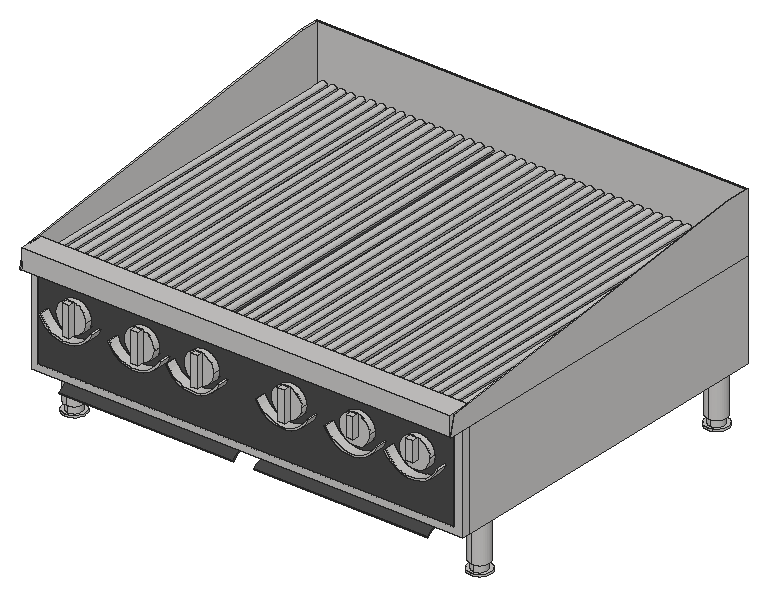
Revit family "QF_Vollrath_936CG", category Specialty Equipment, Revit 2016
Family settings
  Part Type = Normal
  Round Connector Dimension = Use Diameter
  OmniClass Number = 23.40.40.14.17.21
  OmniClass Title = Grills
  Work Plane-Based = No
  Always vertical = Yes
  Cut with Voids When Loaded = No
  Shared = No
  Room Calculation Point = No
Parameters (values of type "936CG")
  Width = 36.00"
  Weight in Pounds = 350
  Watermarked By = "http://revitwatermark.com"
  URL Cutsheet = ""
  URL = ""
  Status [instance] = ""
  Specification by User [instance] = ""
  Specification by Manufacturer [instance] = ""
  Serial Number [instance] = ""
  Seismic Rating [instance] = ""
  Revision Code [instance] = ""
  NAFEM Spec ID Number [instance] = ""
  Model = "936CG"
  Mechanical Remarks [instance] = ""
  Mechanical Connection Type [instance] = ""
  Masterspec [instance] = ""
  Manufacturer = "Vollrath"
  Length = 31.00"
  Item Number [instance] = "-"
  Installed By [instance] = ""
  Height AFF [instance] = 36.00"
  Gas Size = 3/4"
  Gas RI Height [instance] = 0.00"
  Gas Input = 120000.0 Btu/h
  Gas Connection Height [instance] = Height AFF + 5.375"  # 41.375"
  Furnished By [instance] = ""
  Foodservice Equipment Identifier [instance] = yes
  Description = "Heavy Duty Charbroiler"
  CSI MasterFormat = "11 44 00"
  Assembly Code = "E1090320"
Reference planes (in)
  plane 1: z = 0
  plane 2 "BOTTOM": z = 36
  plane 3 "LEFT CLEARANCE": x = -30.72076
  plane 4 "RIGHT CLEARANCE": x = 17.27924
  plane 5 "BACK CLEARANCE": y = 6
  plane 6 "FRONT": y = -31
  plane 7 "Top of Legs": z = 40
  plane 8 "LEFT": x = -24.72076
  plane 9 "RIGHT": x = 11.27924
  plane 10 "BACK": y = 0
  plane 11: z = 39.75
  plane 12: z = 39.5
  plane 13: x = -22.40972
  plane 14: x = -18.72076
  plane 15: x = -15.03179
  plane 16: z = 41.5
  plane 17: x = -12.72076
  plane 18: y = -0.125
  plane 19: x = -24.59576
  plane 20: z = 48.06
  plane 21: x = -6.72076
  plane 22 "TOP": z = 53.06
  plane 23: y = -53.12109
  plane 24: z = 48.26063
  plane 25: y = 1.375
Forms (in)
  Extrusion 1, solid, material "QF_Finishes_Stainless Steel"
    sketch origin (0, 0, 36) x (0, 1, 0) y (-1, 0, 0)
      loop
        circle (-2, 23.59576) r 0.9375
    from 0 to 0.125
  Extrusion 2, solid, material "QF_Finishes_Stainless Steel"
    sketch origin (0, 0, 36) x (0, 1, 0) y (-1, 0, 0)
      loop
        circle (-2, 23.59576) r 0.625
    from 0.125 to 0.75
  Extrusion 3, solid, material "QF_Finishes_Stainless Steel"
    sketch origin (0, 0, 36) x (0, 1, 0) y (-1, 0, 0)
      loop
        circle (-2, 23.59576) r 0.8125
    from 0.75 to 4
  Extrusion 4, solid, material "QF_Finishes_Stainless Steel"
    sketch origin (33.375, 0, 36) x (0, 1, 0) y (-1, 0, 0)
      loop
        circle (-2, 23.09576) r 0.9375
    from 0 to 0.125
  Extrusion 5, solid, material "QF_Finishes_Stainless Steel"
    sketch origin (33.375, 0, 36) x (0, 1, 0) y (-1, 0, 0)
      loop
        circle (-2, 23.09576) r 0.625
    from 0.125 to 0.75
  Extrusion 6, solid, material "QF_Finishes_Stainless Steel"
    sketch origin (33.375, 0, 36) x (0, 1, 0) y (-1, 0, 0)
      loop
        circle (-2, 23.09576) r 0.8125
    from 0.75 to 4
  Extrusion 7, solid, material "QF_Finishes_Stainless Steel"
    sketch origin (33.375, -25.75, 36) x (0, 1, 0) y (-1, 0, 0)
      loop
        circle (-1, 23.09576) r 0.9375
    from 0 to 0.125
  Extrusion 8, solid, material "QF_Finishes_Stainless Steel"
    sketch origin (33.375, -25.75, 36) x (0, 1, 0) y (-1, 0, 0)
      loop
        circle (-1, 23.09576) r 0.625
    from 0.125 to 0.75
  Extrusion 9, solid, material "QF_Finishes_Stainless Steel"
    sketch origin (33.375, -25.75, 36) x (0, 1, 0) y (-1, 0, 0)
      loop
        circle (-1, 23.09576) r 0.8125
    from 0.75 to 4
  Extrusion 10, solid, material "QF_Finishes_Stainless Steel"
    sketch origin (0, -25.75, 36) x (0, 1, 0) y (-1, 0, 0)
      loop
        circle (-1, 23.59576) r 0.9375
    from 0 to 0.125
  Extrusion 11, solid, material "QF_Finishes_Stainless Steel"
    sketch origin (0, -25.75, 36) x (0, 1, 0) y (-1, 0, 0)
      loop
        circle (-1, 23.59576) r 0.625
    from 0.125 to 0.75
  Extrusion 12, solid, material "QF_Finishes_Stainless Steel"
    sketch origin (0, -25.75, 36) x (0, 1, 0) y (-1, 0, 0)
      loop
        circle (-1, 23.59576) r 0.8125
    from 0.75 to 4
  Extrusion 13, solid, material "QF_Finishes_Stainless Steel"
    sketch origin (0, 0, 36) x (0, 1, 0) y (-1, 0, 0)
      loop
        line (0, 24.72076) -> (-29.04599, 24.72076) -> (-29.04599, -11.27924) -> (0, -11.27924) -> (0, 24.72076)
    from 4 to 12.06
  Extrusion 14, solid, material "QF_Finishes_Black"
    sketch origin (0, 0, 0) x (1, 0, 0) y (0, 0, 1)
      loop
        line (-22.13107, 40) -> (-22.13107, 39.75) -> (-7.63107, 39.75) -> (-7.63107, 40) -> (-22.13107, 40)
    from 20.75 to 29.04599
  Extrusion 15, solid, material "QF_Finishes_Black"
    sketch origin (0, 0, 0) x (1, 0, 0) y (0, 0, 1)
      loop
        line (-22.13107, 39.75) -> (-22.13107, 39.5) -> (-7.63107, 39.5) -> (-7.63107, 39.75) -> (-22.13107, 39.75)
    from 20.75 to 29.04599
  Extrusion 16, solid, material "QF_Finishes_Stainless Steel"
    sketch origin (0.75, -4, 0) x (1, 0, 0) y (0, 0, 1)
      loop
        circle (-21.79502, 45.36228) r 1.25
    from 25.04599 to 26.25
  Extrusion 17, solid, material "QF_Finishes_Stainless Steel"
    sketch origin (0.75, -4, 0) x (1, 0, 0) y (0, 0, 1)
      loop
        line (-22.10719, 46.57267) -> (-22.10719, 44.08874) -> (-21.55452, 44.08874) -> (-21.55452, 46.57267) -> (-22.10719, 46.57267)
    from 26.25 to 26.75
  Extrusion 18, solid, material "QF_Finishes_Black"
    sketch origin (-24.72076, 0, 0) x (0, 1, 0) y (0, 0, 1)
      loop
        line (-29.04599, 39.75) -> (-29.04599, 39.81748)
        arc (-29.04599, 39.81748) -> (-29.64263, 39.6735) -> (-30.1385, 39.31181) r 1.57025
        line (-30.1385, 39.31181) -> (-30.07487, 39.24818)
        arc (-30.07487, 39.24818) -> (-29.60779, 39.59619) -> (-29.04599, 39.75) r 1.57025
    from 2.58968 to 17.08968
  Extrusion 19, solid, material "QF_Finishes_Clearances", detail levels coarse
    sketch origin (0, 0, 36) x (0, 1, 0) y (-1, 0, 0)
      loop
        line (6, 30.72076) -> (-31, 30.72076) -> (-31, 24.72076) -> (6, 24.72076) -> (6, 30.72076)
    from 0 to 17.06
  Extrusion 20, solid, material "QF_Finishes_Clearances", detail levels coarse
    sketch origin (0, 0, 36) x (0, 1, 0) y (-1, 0, 0)
      loop
        line (6, -11.27924) -> (-31, -11.27924) -> (-31, -17.27924) -> (6, -17.27924) -> (6, -11.27924)
    from 0 to 17.06
  Extrusion 21, solid, material "QF_Finishes_Clearances", detail levels coarse
    sketch origin (0, 0, 36) x (0, 1, 0) y (-1, 0, 0)
      loop
        line (6, 24.72076) -> (0, 24.72076) -> (0, -11.27924) -> (6, -11.27924) -> (6, 24.72076)
    from 0 to 17.06
  Extrusion 22, solid, material "QF_Finishes_Stainless Steel"
    sketch origin (15.31103, 0, 0) x (1, 0, 0) y (0, 0, 1)
      loop
        circle (-15.53179, 41.5) r 0.375
    from -1.375 to 0
  Extrusion 23, solid, material "QF_Finishes_Stainless Steel"
    sketch origin (-36.59576, 0, 0) x (0, 1, 0) y (0, 0, 1)
      loop
        line (-30.64656, 49.53118) -> (-31.02362, 48.06) -> (0, 48.06) -> (0, 53.06) -> (-1.5377, 53.06) -> (-30.64656, 49.53118)
    from 11.875 to 12
  Extrusion 24, solid, material "QF_Finishes_Stainless Steel"
    sketch origin (-24.72076, 0, 0) x (0, 1, 0) y (0, 0, 1)
      loop
        line (-29.04599, 48.06) -> (-29.04599, 49.685) -> (-31, 49.685) -> (-31, 48.06) -> (-29.04599, 48.06)
    from 0.125 to 35.875
  Extrusion 25, solid, material "QF_Finishes_Stainless Steel"
    sketch origin (0, -4, 0) x (1, 0, 0) y (0, 0, 1)
      loop
        line (-24.72076, 48.06) -> (-24.72076, 40) -> (11.27924, 40) -> (11.27924, 48.06) -> (-24.72076, 48.06)
      loop
        line (-24.21829, 47.52818) -> (-24.21829, 40.59949) -> (10.53171, 40.59949) -> (10.53171, 47.52818) -> (-24.21829, 47.52818)
    from 25.04599 to 25.75
  Extrusion 26, solid, material "QF_Finishes_Stainless Steel"
    sketch origin (-0.72076, 0, 0) x (0, 1, 0) y (0, 0, 1)
      loop
        line (-30.61026, 49.58067) -> (-31, 48.06) -> (0, 48.06) -> (0, 53.06) -> (-1.85356, 53.06) -> (-30.61026, 49.58067)
    from 11.875 to 12
  Extrusion 27, solid, material "QF_Finishes_Stainless Steel"
    sketch origin (-24.72076, 0, 0) x (0, 1, 0) y (0, 0, 1)
      loop
        line (-0.125, 53.06) -> (-0.125, 48.06) -> (0, 48.06) -> (0, 53.06) -> (-0.125, 53.06)
    from 0 to 36
  Extrusion 28, solid, material "QF_Finishes_Stainless Steel"
    sketch origin (0, 0, 0.25) x (1, 0, 0) y (0, 0, 1)
      loop
        circle (-24.02485, 48.31421) r 0.25
    from 0.125 to 29.04599
  Extrusion 29, solid, material "QF_Finishes_Stainless Steel"
    sketch origin (0.8089, 0, 0.25) x (1, 0, 0) y (0, 0, 1)
      loop
        circle (-24.02485, 48.31421) r 0.25
    from 0.125 to 29.04599
  Extrusion 30, solid, material "QF_Finishes_Stainless Steel"
    sketch origin (1.62977, 0, 0.25) x (1, 0, 0) y (0, 0, 1)
      loop
        circle (-24.02485, 48.31421) r 0.25
    from 0.24473 to 29.04599
  Extrusion 31, solid, material "QF_Finishes_Stainless Steel"
    sketch origin (2.43868, 0, 0.25) x (1, 0, 0) y (0, 0, 1)
      loop
        circle (-24.02485, 48.31421) r 0.25
    from 0.24473 to 29.04599
  Extrusion 32, solid, material "QF_Finishes_Stainless Steel"
    sketch origin (3.25954, 0, 0.25) x (1, 0, 0) y (0, 0, 1)
      loop
        circle (-24.02485, 48.31421) r 0.25
    from 0.24473 to 29.04599
  Extrusion 33, solid, material "QF_Finishes_Stainless Steel"
    sketch origin (4.06845, 0, 0.25) x (1, 0, 0) y (0, 0, 1)
      loop
        circle (-24.02485, 48.31421) r 0.25
    from 0.125 to 29.04599
  Extrusion 34, solid, material "QF_Finishes_Stainless Steel"
    sketch origin (4.88932, 0, 0.25) x (1, 0, 0) y (0, 0, 1)
      loop
        circle (-24.02485, 48.31421) r 0.25
    from 0.125 to 29.04599
  Extrusion 35, solid, material "QF_Finishes_Stainless Steel"
    sketch origin (5.69822, 0, 0.25) x (1, 0, 0) y (0, 0, 1)
      loop
        circle (-24.02485, 48.31421) r 0.25
    from 0.125 to 29.04599
  Extrusion 36, solid, material "QF_Finishes_Stainless Steel"
    sketch origin (6.51909, 0, 0.25) x (1, 0, 0) y (0, 0, 1)
      loop
        circle (-24.02485, 48.31421) r 0.25
    from 0.125 to 29.04599
  Extrusion 37, solid, material "QF_Finishes_Stainless Steel"
    sketch origin (7.32799, 0, 0.25) x (1, 0, 0) y (0, 0, 1)
      loop
        circle (-24.02485, 48.31421) r 0.25
    from 0 to 29.04599
  Extrusion 38, solid, material "QF_Finishes_Stainless Steel"
    sketch origin (8.14886, 0, 0.25) x (1, 0, 0) y (0, 0, 1)
      loop
        circle (-24.02485, 48.31421) r 0.25
    from 0 to 29.04599
  Extrusion 39, solid, material "QF_Finishes_Stainless Steel"
    sketch origin (8.95777, 0, 0.25) x (1, 0, 0) y (0, 0, 1)
      loop
        circle (-24.02485, 48.31421) r 0.25
    from 0 to 29.04599
  Extrusion 40, solid, material "QF_Finishes_Stainless Steel"
    sketch origin (9.76477, 0, 0.25) x (1, 0, 0) y (0, 0, 1)
      loop
        circle (-24.02485, 48.31421) r 0.25
    from 0 to 29.04599
  Extrusion 41, solid, material "QF_Finishes_Stainless Steel"
    sketch origin (10.57367, 0, 0.25) x (1, 0, 0) y (0, 0, 1)
      loop
        circle (-24.02485, 48.31421) r 0.25
    from 0 to 29.04599
  Extrusion 42, solid, material "QF_Finishes_Stainless Steel"
    sketch origin (11.39454, 0, 0.25) x (1, 0, 0) y (0, 0, 1)
      loop
        circle (-24.02485, 48.31421) r 0.25
    from 0 to 29.04599
  Extrusion 43, solid, material "QF_Finishes_Stainless Steel"
    sketch origin (12.26638, 0, 0.25) x (1, 0, 0) y (0, 0, 1)
      loop
        circle (-24.02485, 48.31421) r 0.25
    from 0 to 29.04599
  Extrusion 44, solid, material "QF_Finishes_Stainless Steel"
    sketch origin (13.08724, 0, 0.25) x (1, 0, 0) y (0, 0, 1)
      loop
        circle (-24.02485, 48.31421) r 0.25
    from 0 to 29.04599
  Extrusion 45, solid, material "QF_Finishes_Stainless Steel"
    sketch origin (13.89615, 0, 0.25) x (1, 0, 0) y (0, 0, 1)
      loop
        circle (-24.02485, 48.31421) r 0.25
    from 0 to 29.04599
  Extrusion 46, solid, material "QF_Finishes_Stainless Steel"
    sketch origin (15.40006, 0, 0.25) x (1, 0, 0) y (0, 0, 1)
      loop
        circle (-24.52485, 48.31421) r 0.25
    from 0 to 29.04599
  Extrusion 47, solid, material "QF_Finishes_Stainless Steel"
    sketch origin (16.22092, 0, 0.25) x (1, 0, 0) y (0, 0, 1)
      loop
        circle (-24.52485, 48.31421) r 0.25
    from 0 to 29.04599
  Extrusion 48, solid, material "QF_Finishes_Stainless Steel"
    sketch origin (17.09276, 0, 0.25) x (1, 0, 0) y (0, 0, 1)
      loop
        circle (-24.52485, 48.31421) r 0.25
    from 0 to 29.04599
  Extrusion 49, solid, material "QF_Finishes_Stainless Steel"
    sketch origin (17.91363, 0, 0.25) x (1, 0, 0) y (0, 0, 1)
      loop
        circle (-24.52485, 48.31421) r 0.25
    from 0 to 29.04599
  Extrusion 50, solid, material "QF_Finishes_Stainless Steel"
    sketch origin (18.72253, 0, 0.25) x (1, 0, 0) y (0, 0, 1)
      loop
        circle (-24.52485, 48.31421) r 0.25
    from 0 to 29.04599
  Extrusion 51, solid, material "QF_Finishes_Stainless Steel"
    sketch origin (19.5434, 0, 0.25) x (1, 0, 0) y (0, 0, 1)
      loop
        circle (-24.52485, 48.31421) r 0.25
    from 0 to 29.04599
  Extrusion 52, solid, material "QF_Finishes_Stainless Steel"
    sketch origin (20.3523, 0, 0.25) x (1, 0, 0) y (0, 0, 1)
      loop
        circle (-24.52485, 48.31421) r 0.25
    from 0 to 29.04599
  Extrusion 53, solid, material "QF_Finishes_Stainless Steel"
    sketch origin (21.17317, 0, 0.25) x (1, 0, 0) y (0, 0, 1)
      loop
        circle (-24.52485, 48.31421) r 0.25
    from 0 to 29.04599
  Extrusion 54, solid, material "QF_Finishes_Stainless Steel"
    sketch origin (21.98208, 0, 0.25) x (1, 0, 0) y (0, 0, 1)
      loop
        circle (-24.52485, 48.31421) r 0.25
    from 0 to 29.04599
  Extrusion 55, solid, material "QF_Finishes_Stainless Steel"
    sketch origin (22.80294, 0, 0.25) x (1, 0, 0) y (0, 0, 1)
      loop
        circle (-24.52485, 48.31421) r 0.25
    from 0 to 29.04599
  Extrusion 56, solid, material "QF_Finishes_Stainless Steel"
    sketch origin (23.61185, 0, 0.25) x (1, 0, 0) y (0, 0, 1)
      loop
        circle (-24.52485, 48.31421) r 0.25
    from 0 to 29.04599
  Extrusion 57, solid, material "QF_Finishes_Stainless Steel"
    sketch origin (24.43272, 0, 0.25) x (1, 0, 0) y (0, 0, 1)
      loop
        circle (-24.52485, 48.31421) r 0.25
    from 0 to 29.04599
  Extrusion 58, solid, material "QF_Finishes_Stainless Steel"
    sketch origin (25.24162, 0, 0.25) x (1, 0, 0) y (0, 0, 1)
      loop
        circle (-24.52485, 48.31421) r 0.25
    from 0 to 29.04599
  Extrusion 59, solid, material "QF_Finishes_Stainless Steel"
    sketch origin (26.06249, 0, 0.25) x (1, 0, 0) y (0, 0, 1)
      loop
        circle (-24.52485, 48.31421) r 0.25
    from 0 to 29.04599
  Extrusion 60, solid, material "QF_Finishes_Stainless Steel"
    sketch origin (11.44926, -4, 0) x (1, 0, 0) y (0, 0, 1)
      loop
        circle (-21.79502, 45.36228) r 1.25
    from 25.04599 to 26.25
  Extrusion 61, solid, material "QF_Finishes_Stainless Steel"
    sketch origin (11.44926, -4, 0) x (1, 0, 0) y (0, 0, 1)
      loop
        line (-22.10719, 46.57267) -> (-22.10719, 44.08874) -> (-21.55452, 44.08874) -> (-21.55452, 46.57267) -> (-22.10719, 46.57267)
    from 26.25 to 26.75
  Extrusion 62, solid, material "QF_Finishes_Black"
    sketch origin (0, -4, 0) x (1, 0, 0) y (0, 0, 1)
      loop
        line (-24.21829, 47.52818) -> (-24.21829, 40.59949) -> (10.53171, 40.59949) -> (10.53171, 47.52818) -> (-24.21829, 47.52818)
      loop
        circle (-21.04502, 45.36228) r 1.25
      loop
        circle (-15.34576, 45.36228) r 1.25
      loop
        circle (-10.34576, 45.36228) r 1.25
      loop
        circle (-3.04502, 45.36228) r 1.25
      loop
        circle (2.65424, 45.36228) r 1.25
      loop
        circle (7.65424, 45.36228) r 1.25
    from 25.04599 to 25.75
  Extrusion 63, solid, material "QF_Finishes_Stainless Steel"
    sketch origin (26.87139, 0, 0.25) x (1, 0, 0) y (0, 0, 1)
      loop
        circle (-24.52485, 48.31421) r 0.25
    from 0 to 29.04599
  Extrusion 64, solid, material "QF_Finishes_Stainless Steel"
    sketch origin (27.69226, 0, 0.25) x (1, 0, 0) y (0, 0, 1)
      loop
        circle (-24.52485, 48.31421) r 0.25
    from 0 to 29.04599
  Extrusion 65, solid, material "QF_Finishes_Stainless Steel"
    sketch origin (28.50117, 0, 0.25) x (1, 0, 0) y (0, 0, 1)
      loop
        circle (-24.52485, 48.31421) r 0.25
    from 0 to 29.04599
  Extrusion 66, solid, material "QF_Finishes_Stainless Steel"
    sketch origin (29.32203, 0, 0.25) x (1, 0, 0) y (0, 0, 1)
      loop
        circle (-24.52485, 48.31421) r 0.25
    from 0 to 29.04599
  Extrusion 67, solid, material "QF_Finishes_Stainless Steel"
    sketch origin (30.13094, 0, 0.25) x (1, 0, 0) y (0, 0, 1)
      loop
        circle (-24.52485, 48.31421) r 0.25
    from 0 to 29.04599
  Extrusion 68, solid, material "QF_Finishes_Stainless Steel"
    sketch origin (30.9518, 0, 0.25) x (1, 0, 0) y (0, 0, 1)
      loop
        circle (-24.52485, 48.31421) r 0.25
    from 0 to 29.04599
  Extrusion 69, solid, material "QF_Finishes_Stainless Steel"
    sketch origin (31.76071, 0, 0.25) x (1, 0, 0) y (0, 0, 1)
      loop
        circle (-24.52485, 48.31421) r 0.25
    from 0 to 29.04599
  Extrusion 70, solid, material "QF_Finishes_Stainless Steel"
    sketch origin (32.58158, 0, 0.25) x (1, 0, 0) y (0, 0, 1)
      loop
        circle (-24.52485, 48.31421) r 0.25
    from 0 to 29.04599
  Extrusion 71, solid, material "QF_Finishes_Stainless Steel"
    sketch origin (33.40244, 0, 0.25) x (1, 0, 0) y (0, 0, 1)
      loop
        circle (-24.52485, 48.31421) r 0.25
    from 0 to 29.04599
  Extrusion 72, solid, material "QF_Finishes_Stainless Steel"
    sketch origin (34.21135, 0, 0.25) x (1, 0, 0) y (0, 0, 1)
      loop
        circle (-24.52485, 48.31421) r 0.25
    from 0 to 29.04599
  Extrusion 73, solid, material "QF_Finishes_Stainless Steel"
    sketch origin (35.03222, 0, 0.25) x (1, 0, 0) y (0, 0, 1)
      loop
        circle (-24.52485, 48.31421) r 0.25
    from 0 to 29.04599
  Extrusion 74, solid, material "QF_Finishes_Stainless Steel"
    sketch origin (6.44926, -4, 0) x (1, 0, 0) y (0, 0, 1)
      loop
        circle (-21.79502, 45.36228) r 1.25
    from 25.04599 to 26.25
  Extrusion 75, solid, material "QF_Finishes_Stainless Steel"
    sketch origin (6.44926, -4, 0) x (1, 0, 0) y (0, 0, 1)
      loop
        line (-22.10719, 46.57267) -> (-22.10719, 44.08874) -> (-21.55452, 44.08874) -> (-21.55452, 46.57267) -> (-22.10719, 46.57267)
    from 26.25 to 26.75
  Extrusion 76, solid, material "QF_Finishes_Stainless Steel"
    sketch origin (18.75, -4, 0) x (1, 0, 0) y (0, 0, 1)
      loop
        circle (-21.79502, 45.36228) r 1.25
    from 25.04599 to 26.25
  Extrusion 77, solid, material "QF_Finishes_Stainless Steel"
    sketch origin (18.75, -4, 0) x (1, 0, 0) y (0, 0, 1)
      loop
        line (-22.10719, 46.57267) -> (-22.10719, 44.08874) -> (-21.55452, 44.08874) -> (-21.55452, 46.57267) -> (-22.10719, 46.57267)
    from 26.25 to 26.75
  Extrusion 78, solid, material "QF_Finishes_Stainless Steel"
    sketch origin (29.44926, -4, 0) x (1, 0, 0) y (0, 0, 1)
      loop
        circle (-21.79502, 45.36228) r 1.25
    from 25.04599 to 26.25
  Extrusion 79, solid, material "QF_Finishes_Stainless Steel"
    sketch origin (29.44926, -4, 0) x (1, 0, 0) y (0, 0, 1)
      loop
        line (-22.10719, 46.57267) -> (-22.10719, 44.89506) -> (-21.55452, 44.89506) -> (-21.55452, 46.57267) -> (-22.10719, 46.57267)
    from 26.25 to 26.75
  Extrusion 80, solid, material "QF_Finishes_Stainless Steel"
    sketch origin (24.44926, -4, 0) x (1, 0, 0) y (0, 0, 1)
      loop
        circle (-21.79502, 45.36228) r 1.25
    from 25.04599 to 26.25
  Extrusion 81, solid, material "QF_Finishes_Stainless Steel"
    sketch origin (24.44926, -4, 0) x (1, 0, 0) y (0, 0, 1)
      loop
        line (-22.10719, 46.57267) -> (-22.10719, 44.89506) -> (-21.55452, 44.89506) -> (-21.55452, 46.57267) -> (-22.10719, 46.57267)
    from 26.25 to 26.75
  Extrusion 82, solid, material "QF_Finishes_Black"
    sketch origin (16.25, 0, 0) x (1, 0, 0) y (0, 0, 1)
      loop
        line (-22.13107, 40) -> (-22.13107, 39.75) -> (-7.63107, 39.75) -> (-7.63107, 40) -> (-22.13107, 40)
    from 20.75 to 29.04599
  Extrusion 83, solid, material "QF_Finishes_Black"
    sketch origin (16.25, 0, 0) x (1, 0, 0) y (0, 0, 1)
      loop
        line (-22.13107, 39.75) -> (-22.13107, 39.5) -> (-7.63107, 39.5) -> (-7.63107, 39.75) -> (-22.13107, 39.75)
    from 20.75 to 29.04599
  Extrusion 84, solid, material "QF_Finishes_Black"
    sketch origin (-8.47076, 0, 0) x (0, 1, 0) y (0, 0, 1)
      loop
        line (-29.04599, 39.75) -> (-29.04599, 39.81748)
        arc (-29.04599, 39.81748) -> (-29.64263, 39.6735) -> (-30.1385, 39.31181) r 1.57025
        line (-30.1385, 39.31181) -> (-30.07487, 39.24818)
        arc (-30.07487, 39.24818) -> (-29.60779, 39.59619) -> (-29.04599, 39.75) r 1.57025
    from 2.58968 to 17.08968
  Extrusion 85, solid, material "QF_Finishes_Black"
    sketch origin (0, 0, 0) x (1, 0, 0) y (0, 0, 1)
      loop
        line (-24.59576, 48.06) -> (11.15424, 48.06) -> (11.15424, 48.26063) -> (-24.59576, 48.26063) -> (-24.59576, 48.06)
    from 0 to 29.04599
  Sweep 86, solid, material "QF_Finishes_Stainless Steel"
    path origin (-1.02908, -30.63083, -9.05694) x (1, 0, 0) y (0, 0, 1)
      loop
        arc (-22.40972, 54.02818) -> (-20.15972, 52.59334) -> (-17.90972, 54.02818) r 2.48155
    profile origin (-21.18881, -30.63083, 43.5364) x (0, 0, 1) y (0, -1, 0)
      loop
        line (0, 0) -> (0, -0.83484) -> (0.14592, -0.83484) -> (0.14592, 0) -> (0, 0)
  Sweep 87, solid, material "QF_Finishes_Stainless Steel"
    path origin (4.72092, -30.63083, -9.05694) x (1, 0, 0) y (0, 0, 1)
      loop
        arc (-22.40972, 54.02818) -> (-20.15972, 52.59334) -> (-17.90972, 54.02818) r 2.48155
    profile origin (-15.43881, -30.63083, 43.5364) x (0, 0, 1) y (0, -1, 0)
      loop
        line (0, 0) -> (0, -0.83484) -> (0.14592, -0.83484) -> (0.14592, 0) -> (0, 0)
  Sweep 88, solid, material "QF_Finishes_Stainless Steel"
    path origin (9.5599, -30.63083, -9.05694) x (1, 0, 0) y (0, 0, 1)
      loop
        arc (-22.40972, 54.02818) -> (-20.15972, 52.59334) -> (-17.90972, 54.02818) r 2.48155
    profile origin (-10.59983, -30.63083, 43.5364) x (0, 0, 1) y (0, -1, 0)
      loop
        line (0, 0) -> (0, -0.83484) -> (0.14592, -0.83484) -> (0.14592, 0) -> (0, 0)
  Sweep 89, solid, material "QF_Finishes_Stainless Steel"
    path origin (17.0599, -30.63083, -9.05694) x (1, 0, 0) y (0, 0, 1)
      loop
        arc (-22.40972, 54.02818) -> (-20.15972, 52.59334) -> (-17.90972, 54.02818) r 2.48155
    profile origin (-3.09983, -30.63083, 43.5364) x (0, 0, 1) y (0, -1, 0)
      loop
        line (0, 0) -> (0, -0.83484) -> (0.14592, -0.83484) -> (0.14592, 0) -> (0, 0)
  Sweep 90, solid, material "QF_Finishes_Stainless Steel"
    path origin (22.8099, -30.63083, -9.05694) x (1, 0, 0) y (0, 0, 1)
      loop
        arc (-22.40972, 54.02818) -> (-20.15972, 52.59334) -> (-17.90972, 54.02818) r 2.48155
    profile origin (2.65017, -30.63083, 43.5364) x (0, 0, 1) y (0, -1, 0)
      loop
        line (0, 0) -> (0, -0.83484) -> (0.14592, -0.83484) -> (0.14592, 0) -> (0, 0)
  Sweep 91, solid, material "QF_Finishes_Stainless Steel"
    path origin (27.8099, -30.63083, -9.05694) x (1, 0, 0) y (0, 0, 1)
      loop
        arc (-22.40972, 54.02818) -> (-20.15972, 52.59334) -> (-17.90972, 54.02818) r 2.48155
    profile origin (7.65017, -30.63083, 43.5364) x (0, 0, 1) y (0, -1, 0)
      loop
        line (0, 0) -> (0, -0.83484) -> (0.14592, -0.83484) -> (0.14592, 0) -> (0, 0)
Lines and regions (in)
  symbolic lines, style "QF_Clearances", detail levels coarse
    curve 1: line (-30.72076, -31, 36) -> (-30.72076, 6, 36)
    curve 2: line (-30.72076, 6, 36) -> (-24.72076, 6, 36)
    curve 3: line (-24.72076, 6, 36) -> (11.27924, 6, 36)
    curve 4: line (11.27924, 6, 36) -> (17.27924, 6, 36)
    curve 5: line (17.27924, 6, 36) -> (17.27924, -31, 36)
    curve 6: line (-8.88814, -31, 36) -> (-8.88814, -53.12109, 36)
    curve 7: line (-8.88814, -53.12109, 36) -> (-20.72076, -53.12109, 36)
    curve 8: line (-20.72076, -53.12109, 36) -> (-20.72076, -31, 36)
    curve 9: line (7.11186, -31, 36) -> (7.11186, -53.12109, 36)
    curve 10: line (7.11186, -53.12109, 36) -> (-4.72076, -53.12109, 36)
    curve 11: line (-4.72076, -53.12109, 36) -> (-4.72076, -31, 36)
  symbolic lines
    curve 12: line (-2.41198, -28.9788, 36) -> (-2.41198, -0.05782, 36)
    curve 13: line (-15.03179, -29.04599, 36) -> (-15.03179, -0.125, 36)
    curve 14: line (-12.72076, -29.04599, 36) -> (-12.72076, -0.125, 36)
    curve 15: line (-10.22076, -29.04599, 36) -> (-10.22076, -0.125, 36)
    curve 16: line (-8.22076, -29.04599, 36) -> (-8.22076, -0.125, 36)
    curve 17: line (-5.97076, -29.04599, 36) -> (-5.97076, -0.125, 36)
    curve 18: line (-3.97076, -29.04599, 36) -> (-3.97076, -0.125, 36)
    curve 19: line (-0.47076, -29.04599, 36) -> (-0.47076, -0.125, 36)
    curve 20: line (1.52924, -29.04599, 36) -> (1.52924, -0.125, 36)
    curve 21: line (3.52924, -29.04599, 36) -> (3.52924, -0.125, 36)
    curve 22: line (5.52924, -29.04599, 36) -> (5.52924, -0.125, 36)
    curve 23: line (7.77924, -29.04599, 36) -> (7.77924, -0.125, 36)
    curve 24: line (9.77924, -29.04599, 36) -> (9.77924, -0.125, 36)
    curve 25: line (-17.71129, -29.04599, 36) -> (-17.71129, -0.125, 36)
    curve 26: line (-19.96129, -29.04599, 36) -> (-19.96129, -0.125, 36)
    curve 27: line (-21.96129, -29.04599, 36) -> (-21.96129, -0.125, 36)
    curve 28: line (-24.72076, -0.125, 36) -> (11.27924, -0.125, 36)
    curve 29: line (-24.59576, -31, 36) -> (-24.59576, 0, 36)
    curve 30: line (11.15424, -29.04599, 36) -> (-24.59576, -29.04599, 36)
    curve 31: line (-24.59576, -31, 36) -> (11.15424, -31, 36)
    curve 32: line (11.27924, -31, 36) -> (11.27924, -0.125, 36)
Dimensions and locks (in)
  "Height AFF": plane 2 "BOTTOM" to level
  plane 3 "LEFT CLEARANCE" to plane 8 "LEFT" = 6.00"
  locked: plane 9 "RIGHT" to plane 4 "RIGHT CLEARANCE" at 6
  plane 5 "BACK CLEARANCE" to plane 10 "BACK" = 6.00"
  "Length": plane 10 "BACK" to plane 6 "FRONT"
  "Width": plane 8 "LEFT" to plane 9 "RIGHT"
  locked: Extrusion 22 sketch curve to plane 7 "Top of Legs" at 1.5
  locked: plane 7 "Top of Legs" to plane 2 "BOTTOM" at 4
  locked: plane 11 to plane 12 at 0.25
  locked: plane 7 "Top of Legs" to plane 11 at 0.25
  plane 16 to plane 7 "Top of Legs" = 1.50"
  Extrusion 23 to Extrusion 19 = 6.125"
  locked: plane 20 to plane 7 "Top of Legs" at 8.06
  locked: plane 22 "TOP" to plane 20 at 5
  Extrusion 27 to Extrusion 85 = 35.875"
  locked: plane 24 to plane 20 at 0.20063
  aligned and locked: level to plane 1
  aligned: plane 9 "RIGHT" to Extrusion 13 sketch curve
  aligned: Extrusion 14 sketch curve to plane 15
  aligned: Extrusion 15 sketch curve to plane 15
  aligned: plane 15 to Extrusion 18
  aligned: Extrusion 13 to plane 9 "RIGHT"
  aligned: plane 7 "Top of Legs" to Extrusion 14
  aligned: plane 11 to Extrusion 15
  aligned: Extrusion 15 to plane 12
  aligned: Extrusion 13 to plane 7 "Top of Legs"
  aligned and locked: Extrusion 19 to Extrusion 23
  aligned and locked: Extrusion 20 to Extrusion 19
  aligned and locked: Extrusion 19 to Extrusion 21
  aligned and locked: Extrusion 13 to Extrusion 23
  aligned and locked: Extrusion 85 sketch curve to Extrusion 24
  aligned and locked: Extrusion 85 to plane 24
  aligned and locked: Extrusion 85 to Extrusion 13
  aligned and locked: Extrusion 23 to plane 20
  aligned and locked: Extrusion 26 to Extrusion 23
  aligned and locked: Extrusion 20 to Extrusion 23
  aligned and locked: Extrusion 23 to Extrusion 24
Automatic sketch dimensions
  Extrusion 1 sketch curve to plane 18 = 1.875"
  plane 19 to Extrusion 1 sketch curve = 1.00"
  Extrusion 2 sketch curve to plane 18 = 1.875"
  plane 19 to Extrusion 2 sketch curve = 1.00"
  Extrusion 3 sketch curve to plane 18 = 1.875"
  plane 19 to Extrusion 3 sketch curve = 1.00"
  Extrusion 4 sketch curve to plane 18 = 1.875"
  plane 9 "RIGHT" to Extrusion 4 sketch curve = 1.00"
  Extrusion 5 sketch curve to plane 18 = 1.875"
  plane 9 "RIGHT" to Extrusion 5 sketch curve = 1.00"
  Extrusion 6 sketch curve to plane 18 = 1.875"
  plane 9 "RIGHT" to Extrusion 6 sketch curve = 1.00"
  plane 9 "RIGHT" to Extrusion 7 sketch curve = 1.00"
  plane 6 "FRONT" to Extrusion 7 sketch curve = 4.25"
  plane 9 "RIGHT" to Extrusion 8 sketch curve = 1.00"
  plane 6 "FRONT" to Extrusion 8 sketch curve = 4.25"
  plane 9 "RIGHT" to Extrusion 9 sketch curve = 1.00"
  plane 6 "FRONT" to Extrusion 9 sketch curve = 4.25"
  plane 19 to Extrusion 10 sketch curve = 1.00"
  plane 6 "FRONT" to Extrusion 10 sketch curve = 4.25"
  plane 19 to Extrusion 11 sketch curve = 1.00"
  plane 6 "FRONT" to Extrusion 11 sketch curve = 4.25"
  plane 19 to Extrusion 12 sketch curve = 1.00"
  plane 6 "FRONT" to Extrusion 12 sketch curve = 4.25"
  Extrusion 13 sketch curve to plane 8 "LEFT" = 0.00"
  Extrusion 13 sketch curve to plane 9 "RIGHT" = 0.00"
  Extrusion 13 sketch curve to plane 10 "BACK" = 0.00"
  plane 6 "FRONT" to Extrusion 13 sketch curve = 1.95401"
  Extrusion 14 sketch curve to plane 11 = 0.00"
  Extrusion 14 sketch curve to plane 7 "Top of Legs" = 0.00"
  Extrusion 14 sketch curve to plane 13 = 0.27865"
  plane 21 to Extrusion 14 sketch curve = 0.91032"
  Extrusion 15 sketch curve to plane 12 = 0.00"
  Extrusion 15 sketch curve to plane 11 = 0.00"
  Extrusion 15 sketch curve to plane 13 = 0.27865"
  plane 21 to Extrusion 15 sketch curve = 0.91032"
  Extrusion 18 sketch curve to plane 11 = 0.00"
  Extrusion 18 sketch curve to plane 12 = 0.18819"
  plane 6 "FRONT" to Extrusion 18 sketch curve = 0.8615"
  Extrusion 18 sketch curve to plane 12 = 0.25182"
  Extrusion 18 sketch curve to Extrusion 18 sketch curve = 0.06363"  (x2)
  plane 11 to Extrusion 18 sketch curve = 0.06748"
  Extrusion 18 sketch curve to Extrusion 18 sketch curve = 1.02888"
  Extrusion 18 sketch curve to plane 12 = 1.25151"
  Extrusion 19 sketch curve to plane 3 "LEFT CLEARANCE" = 0.00"
  Extrusion 19 sketch curve to plane 6 "FRONT" = 0.00"
  Extrusion 19 sketch curve to plane 5 "BACK CLEARANCE" = 0.00"
  Extrusion 19 sketch curve to plane 8 "LEFT" = 0.00"
  Extrusion 20 sketch curve to plane 6 "FRONT" = 0.00"
  Extrusion 20 sketch curve to plane 5 "BACK CLEARANCE" = 0.00"
  Extrusion 20 sketch curve to plane 4 "RIGHT CLEARANCE" = 0.00"
  Extrusion 20 sketch curve to plane 9 "RIGHT" = 0.00"
  Extrusion 21 sketch curve to plane 8 "LEFT" = 0.00"
  Extrusion 21 sketch curve to plane 10 "BACK" = 0.00"
  Extrusion 21 sketch curve to plane 5 "BACK CLEARANCE" = 0.00"
  Extrusion 21 sketch curve to plane 9 "RIGHT" = 0.00"
  Extrusion 22 sketch curve to plane 21 = 6.50"
  Extrusion 82 sketch curve to plane 11 = 0.00"
  Extrusion 82 sketch curve to plane 7 "Top of Legs" = 0.00"
  Extrusion 82 sketch curve to plane 21 = 0.83968"
  plane 9 "RIGHT" to Extrusion 82 sketch curve = 2.66032"
  Extrusion 83 sketch curve to plane 12 = 0.00"
  Extrusion 83 sketch curve to plane 11 = 0.00"
  Extrusion 83 sketch curve to plane 21 = 0.83968"
  plane 9 "RIGHT" to Extrusion 83 sketch curve = 2.66032"
  Extrusion 84 sketch curve to plane 11 = 0.00"
  Extrusion 84 sketch curve to plane 12 = 0.18819"
  plane 6 "FRONT" to Extrusion 84 sketch curve = 0.8615"
  Extrusion 84 sketch curve to plane 12 = 0.25182"
  Extrusion 84 sketch curve to Extrusion 84 sketch curve = 0.06363"  (x2)
  plane 11 to Extrusion 84 sketch curve = 0.06748"
  Extrusion 84 sketch curve to Extrusion 84 sketch curve = 1.02888"
  Extrusion 84 sketch curve to plane 12 = 1.25151"
  curve 6 to plane 23 = 0.00"
  curve 11 to plane 23 = 0.00"
  curve 5 to plane 4 "RIGHT CLEARANCE" = 0.00"
  curve 5 to plane 6 "FRONT" = 0.00"
  curve 1 to plane 3 "LEFT CLEARANCE" = 0.00"
  curve 1 to plane 6 "FRONT" = 0.00"
  curve 8 to plane 6 "FRONT" = 0.00"
  curve 13 to plane 15 = 0.00"
  curve 14 to plane 17 = 0.00"
  curve 13 to plane 18 = 0.00"
  curve 4 to plane 5 "BACK CLEARANCE" = 0.00"
  curve 3 to plane 9 "RIGHT" = 0.00"
  curve 2 to plane 8 "LEFT" = 0.00"
  curve 27 to plane 13 = 0.44843"
  curve 17 to plane 21 = 0.75"
  curve 18 to curve 12 = 0.06718"
  curve 12 to plane 10 "BACK" = 0.05782"
  plane 9 "RIGHT" to curve 24 = 1.50"
  curve 24 to curve 23 = 2.00"
  plane 9 "RIGHT" to curve 9 = 4.16739"
  curve 23 to curve 22 = 2.25"
  curve 22 to curve 21 = 2.00"
  curve 21 to curve 20 = 2.00"
  curve 20 to curve 19 = 2.00"
  curve 19 to curve 12 = 1.94123"
  curve 12 to curve 18 = 1.55877"
  curve 10 to plane 21 = 2.00"
  plane 21 to curve 16 = 1.50"
  plane 21 to curve 7 = 2.16739"
  curve 16 to curve 15 = 2.00"
  curve 25 to plane 14 = 1.00946"
  curve 8 to plane 13 = 1.68897"
  Extrusion 16 sketch curve to Extrusion 16 sketch curve = 0.00"  (x2)
  Extrusion 16 sketch curve to plane 13 = 0.11471"
  Extrusion 16 sketch curve to Extrusion 16 sketch curve = 1.25"
  Extrusion 16 sketch curve to plane 20 = 2.69772"
  Extrusion 17 sketch curve to plane 13 = 1.05254"
  Extrusion 17 sketch curve to Extrusion 17 sketch curve = 0.55267"
  plane 16 to Extrusion 17 sketch curve = 2.58874"
  Extrusion 17 sketch curve to plane 20 = 1.48733"
  Extrusion 23 sketch curve to plane 20 = 0.00"
  Extrusion 23 sketch curve to plane 22 "TOP" = 0.00"
  Extrusion 23 sketch curve to plane 10 "BACK" = 0.00"
  Extrusion 23 sketch curve to plane 18 = 1.4127"
  plane 6 "FRONT" to Extrusion 23 sketch curve = 0.35344"
  Extrusion 23 sketch curve to plane 6 "FRONT" = 0.02362"
  Extrusion 23 sketch curve to plane 24 = 1.27055"
  Extrusion 24 sketch curve to plane 6 "FRONT" = 0.00"
  Extrusion 24 sketch curve to plane 20 = 0.00"
  plane 6 "FRONT" to Extrusion 24 sketch curve = 1.95401"
  Extrusion 24 sketch curve to plane 24 = 1.42437"
  Extrusion 25 sketch curve to plane 7 "Top of Legs" = 0.00"
  Extrusion 25 sketch curve to plane 8 "LEFT" = 0.00"
  plane 9 "RIGHT" to Extrusion 25 sketch curve = 0.00"
  Extrusion 25 sketch curve to plane 20 = 0.00"
  plane 19 to Extrusion 25 sketch curve = 0.37747"
  plane 9 "RIGHT" to Extrusion 25 sketch curve = 0.74753"
  plane 7 "Top of Legs" to Extrusion 25 sketch curve = 0.59949"
  Extrusion 25 sketch curve to plane 20 = 0.53182"
  Extrusion 26 sketch curve to plane 6 "FRONT" = 0.00"
  Extrusion 26 sketch curve to plane 22 "TOP" = 0.00"
  Extrusion 26 sketch curve to plane 10 "BACK" = 0.00"
  Extrusion 26 sketch curve to plane 20 = 0.00"
  plane 6 "FRONT" to Extrusion 26 sketch curve = 0.38974"
  Extrusion 26 sketch curve to plane 18 = 1.72856"
  Extrusion 26 sketch curve to plane 24 = 1.32004"
  Extrusion 27 sketch curve to plane 18 = 0.00"
  Extrusion 27 sketch curve to plane 10 "BACK" = 0.00"
  Extrusion 27 sketch curve to plane 20 = 0.00"
  Extrusion 27 sketch curve to plane 22 "TOP" = 0.00"
  plane 19 to Extrusion 28 sketch curve = 0.5709"
  Extrusion 28 sketch curve to plane 24 = 0.30359"
  Extrusion 29 sketch curve to plane 24 = 0.30359"
  plane 13 to Extrusion 29 sketch curve = 0.80622"
  Extrusion 30 sketch curve to plane 13 = 0.01464"
  Extrusion 30 sketch curve to plane 24 = 0.30359"
  Extrusion 31 sketch curve to plane 24 = 0.30359"
  Extrusion 31 sketch curve to plane 13 = 0.82355"
  Extrusion 32 sketch curve to plane 24 = 0.30359"
  Extrusion 32 sketch curve to plane 13 = 1.64442"
  Extrusion 33 sketch curve to plane 24 = 0.30359"
  plane 14 to Extrusion 33 sketch curve = 1.23565"
  plane 14 to Extrusion 34 sketch curve = 0.41478"
  Extrusion 34 sketch curve to plane 24 = 0.30359"
  Extrusion 35 sketch curve to plane 14 = 0.39412"
  Extrusion 35 sketch curve to plane 24 = 0.30359"
  Extrusion 36 sketch curve to plane 24 = 0.30359"
  Extrusion 36 sketch curve to plane 14 = 1.21499"
  Extrusion 37 sketch curve to plane 24 = 0.30359"
  Extrusion 37 sketch curve to plane 15 = 1.66507"
  Extrusion 38 sketch curve to plane 24 = 0.30359"
  Extrusion 38 sketch curve to plane 15 = 0.8442"
  Extrusion 39 sketch curve to plane 15 = 0.0353"
  Extrusion 39 sketch curve to plane 24 = 0.30359"
  Extrusion 40 sketch curve to plane 24 = 0.30359"
  plane 15 to Extrusion 40 sketch curve = 0.7717"
  Extrusion 41 sketch curve to plane 24 = 0.30359"
  plane 17 to Extrusion 41 sketch curve = 0.73043"
  Extrusion 42 sketch curve to plane 17 = 0.09044"
  Extrusion 42 sketch curve to plane 24 = 0.30359"
  Extrusion 43 sketch curve to plane 24 = 0.30359"
  Extrusion 43 sketch curve to plane 17 = 0.96228"
  Extrusion 44 sketch curve to plane 24 = 0.30359"
  Extrusion 44 sketch curve to plane 17 = 1.78315"
  Extrusion 45 sketch curve to plane 24 = 0.30359"
  Extrusion 45 sketch curve to plane 17 = 2.59205"
  Extrusion 46 sketch curve to plane 24 = 0.30359"
  plane 21 to Extrusion 46 sketch curve = 2.40404"
  Extrusion 47 sketch curve to plane 24 = 0.30359"
  plane 21 to Extrusion 47 sketch curve = 1.58317"
  Extrusion 48 sketch curve to plane 24 = 0.30359"
  plane 21 to Extrusion 48 sketch curve = 0.71134"
  Extrusion 49 sketch curve to plane 21 = 0.10953"
  Extrusion 49 sketch curve to plane 24 = 0.30359"
  Extrusion 50 sketch curve to plane 24 = 0.30359"
  Extrusion 50 sketch curve to plane 21 = 0.91844"
  Extrusion 51 sketch curve to plane 24 = 0.30359"
  Extrusion 51 sketch curve to plane 21 = 1.7393"
  Extrusion 52 sketch curve to plane 24 = 0.30359"
  Extrusion 52 sketch curve to plane 21 = 2.54821"
  Extrusion 53 sketch curve to plane 24 = 0.30359"
  Extrusion 53 sketch curve to plane 21 = 3.36907"
  Extrusion 54 sketch curve to plane 24 = 0.30359"
  Extrusion 54 sketch curve to plane 21 = 4.17798"
  Extrusion 55 sketch curve to plane 24 = 0.30359"
  Extrusion 55 sketch curve to plane 21 = 4.99885"
  Extrusion 56 sketch curve to plane 24 = 0.30359"
  Extrusion 56 sketch curve to plane 21 = 5.80775"
  Extrusion 57 sketch curve to plane 24 = 0.30359"
  Extrusion 57 sketch curve to plane 21 = 6.62862"
  Extrusion 58 sketch curve to plane 24 = 0.30359"
  Extrusion 58 sketch curve to plane 21 = 7.43752"
  Extrusion 59 sketch curve to plane 24 = 0.30359"
  Extrusion 59 sketch curve to plane 21 = 8.25839"
  Extrusion 60 sketch curve to Extrusion 60 sketch curve = 0.00"  (x2)
  Extrusion 60 sketch curve to plane 17 = 1.125"
  Extrusion 60 sketch curve to Extrusion 60 sketch curve = 1.25"
  Extrusion 60 sketch curve to plane 20 = 2.69772"
  Extrusion 61 sketch curve to plane 17 = 2.06283"
  Extrusion 61 sketch curve to Extrusion 61 sketch curve = 0.55267"
  plane 16 to Extrusion 61 sketch curve = 2.58874"
  Extrusion 61 sketch curve to plane 20 = 1.48733"
  Extrusion 62 sketch curve to Extrusion 62 sketch curve = 0.00"  (x12)
  plane 19 to Extrusion 62 sketch curve = 0.37747"
  Extrusion 62 sketch curve to plane 13 = 0.11471"
  Extrusion 62 sketch curve to Extrusion 62 sketch curve = 1.25"  (x5)
  Extrusion 62 sketch curve to plane 15 = 1.56397"
  Extrusion 62 sketch curve to plane 15 = 0.31397"
  Extrusion 62 sketch curve to plane 17 = 1.125"
  Extrusion 62 sketch curve to plane 21 = 2.42574"
  Extrusion 62 sketch curve to Extrusion 62 sketch curve = 3.19926"
  Extrusion 62 sketch curve to Extrusion 62 sketch curve = 2.50"
  plane 9 "RIGHT" to Extrusion 62 sketch curve = 0.74753"
  plane 7 "Top of Legs" to Extrusion 62 sketch curve = 0.59949"
  Extrusion 62 sketch curve to plane 20 = 2.69772"  (x6)
  Extrusion 62 sketch curve to plane 20 = 0.53182"
  Extrusion 63 sketch curve to plane 24 = 0.30359"
  plane 9 "RIGHT" to Extrusion 63 sketch curve = 8.9327"
  Extrusion 64 sketch curve to plane 24 = 0.30359"
  plane 9 "RIGHT" to Extrusion 64 sketch curve = 8.11184"
  Extrusion 65 sketch curve to plane 24 = 0.30359"
  plane 9 "RIGHT" to Extrusion 65 sketch curve = 7.30293"
  Extrusion 66 sketch curve to plane 24 = 0.30359"
  plane 9 "RIGHT" to Extrusion 66 sketch curve = 6.48206"
  Extrusion 67 sketch curve to plane 24 = 0.30359"
  plane 9 "RIGHT" to Extrusion 67 sketch curve = 5.67316"
  Extrusion 68 sketch curve to plane 24 = 0.30359"
  plane 9 "RIGHT" to Extrusion 68 sketch curve = 4.85229"
  Extrusion 69 sketch curve to plane 24 = 0.30359"
  plane 9 "RIGHT" to Extrusion 69 sketch curve = 4.04339"
  Extrusion 70 sketch curve to plane 24 = 0.30359"
  plane 9 "RIGHT" to Extrusion 70 sketch curve = 3.22252"
  Extrusion 71 sketch curve to plane 24 = 0.30359"
  plane 9 "RIGHT" to Extrusion 71 sketch curve = 2.40165"
  Extrusion 72 sketch curve to plane 24 = 0.30359"
  plane 9 "RIGHT" to Extrusion 72 sketch curve = 1.59275"
  Extrusion 73 sketch curve to plane 24 = 0.30359"
  plane 9 "RIGHT" to Extrusion 73 sketch curve = 0.77188"
  Extrusion 74 sketch curve to Extrusion 74 sketch curve = 0.00"  (x2)
  Extrusion 74 sketch curve to plane 15 = 1.56397"
  Extrusion 74 sketch curve to plane 15 = 0.31397"
  Extrusion 74 sketch curve to plane 20 = 2.69772"
  Extrusion 75 sketch curve to plane 15 = 0.62614"
  Extrusion 75 sketch curve to plane 15 = 0.07347"
  plane 16 to Extrusion 75 sketch curve = 2.58874"
  Extrusion 75 sketch curve to plane 20 = 1.48733"
  Extrusion 76 sketch curve to Extrusion 76 sketch curve = 0.00"  (x2)
  Extrusion 76 sketch curve to plane 21 = 2.42574"
  Extrusion 76 sketch curve to Extrusion 76 sketch curve = 1.25"
  Extrusion 76 sketch curve to plane 20 = 2.69772"
  Extrusion 77 sketch curve to plane 21 = 3.36357"
  Extrusion 77 sketch curve to Extrusion 77 sketch curve = 0.55267"
  plane 16 to Extrusion 77 sketch curve = 2.58874"
  Extrusion 77 sketch curve to plane 20 = 1.48733"
  Extrusion 78 sketch curve to Extrusion 78 sketch curve = 0.00"  (x2)
  plane 9 "RIGHT" to Extrusion 78 sketch curve = 4.875"
  Extrusion 78 sketch curve to Extrusion 78 sketch curve = 1.25"
  Extrusion 78 sketch curve to plane 20 = 2.69772"
  plane 9 "RIGHT" to Extrusion 79 sketch curve = 3.93717"
  Extrusion 79 sketch curve to Extrusion 79 sketch curve = 0.55267"
  Extrusion 79 sketch curve to plane 20 = 3.16494"
  Extrusion 79 sketch curve to plane 20 = 1.48733"
  Extrusion 80 sketch curve to Extrusion 80 sketch curve = 0.00"  (x2)
  Extrusion 80 sketch curve to plane 20 = 2.69772"
  Extrusion 80 sketch curve to plane 21 = 8.125"
  Extrusion 80 sketch curve to Extrusion 80 sketch curve = 1.25"
  Extrusion 81 sketch curve to plane 20 = 3.16494"
  plane 9 "RIGHT" to Extrusion 81 sketch curve = 8.93717"
  Extrusion 81 sketch curve to Extrusion 81 sketch curve = 0.55267"
  Extrusion 81 sketch curve to plane 20 = 1.48733"
  Extrusion 85 sketch curve to plane 19 = 0.00"
  Extrusion 85 sketch curve to plane 24 = 0.00"
  plane 9 "RIGHT" to Extrusion 85 sketch curve = 0.125"
  plane 13 to Sweep 86 sketch curve = 1.02908"
  Sweep 86 sketch curve to plane 13 = 1.22092"
  plane 14 to Sweep 86 sketch curve = 0.21805"
  Sweep 86 sketch curve to plane 20 = 3.08876"
  Sweep 86 sketch curve to plane 20 = 2.04205"
  profile plane to Sweep 86 sketch curve = 0.00"
  Sweep 86 sketch curve to profile plane = 0.00"
  Sweep 86 sketch curve to profile plane = 0.14592"
  Sweep 86 sketch curve to Sweep 86 sketch curve = 0.83484"
  Sweep 87 sketch curve to plane 14 = 1.03195"
  Sweep 87 sketch curve to plane 15 = 0.40702"
  plane 17 to Sweep 87 sketch curve = 0.46805"
  Sweep 87 sketch curve to plane 20 = 3.08876"
  Sweep 87 sketch curve to plane 20 = 2.04205"
  profile plane to Sweep 87 sketch curve = 0.00"
  Sweep 87 sketch curve to profile plane = 0.00"
  Sweep 87 sketch curve to profile plane = 0.14592"
  Sweep 87 sketch curve to Sweep 87 sketch curve = 0.83484"
  plane 17 to Sweep 88 sketch curve = 0.12907"
  Sweep 88 sketch curve to plane 17 = 2.12093"
  plane 21 to Sweep 88 sketch curve = 1.62907"
  Sweep 88 sketch curve to plane 20 = 3.08876"
  Sweep 88 sketch curve to plane 20 = 2.04205"
  profile plane to Sweep 88 sketch curve = 0.00"
  Sweep 88 sketch curve to profile plane = 0.00"
  Sweep 88 sketch curve to profile plane = 0.14592"
  Sweep 88 sketch curve to Sweep 88 sketch curve = 0.83484"
  Sweep 89 sketch curve to plane 21 = 1.37093"
  Sweep 89 sketch curve to Sweep 89 sketch curve = 2.25"  (x2)
  Sweep 89 sketch curve to plane 20 = 3.08876"
  Sweep 89 sketch curve to plane 20 = 2.04205"
  profile plane to Sweep 89 sketch curve = 0.00"
  Sweep 89 sketch curve to profile plane = 0.00"
  Sweep 89 sketch curve to profile plane = 0.14592"
  Sweep 89 sketch curve to Sweep 89 sketch curve = 0.83484"
  Sweep 90 sketch curve to plane 20 = 3.08876"
  Sweep 90 sketch curve to plane 21 = 7.12093"
  Sweep 90 sketch curve to Sweep 90 sketch curve = 2.25"  (x2)
  Sweep 90 sketch curve to plane 20 = 2.04205"
  profile plane to Sweep 90 sketch curve = 0.00"
  Sweep 90 sketch curve to profile plane = 0.00"
  Sweep 90 sketch curve to Sweep 90 sketch curve = 0.14592"
  Sweep 90 sketch curve to Sweep 90 sketch curve = 0.83484"
  plane 9 "RIGHT" to Sweep 91 sketch curve = 5.87907"
  Sweep 91 sketch curve to Sweep 91 sketch curve = 2.25"
  plane 9 "RIGHT" to Sweep 91 sketch curve = 1.37907"
  Sweep 91 sketch curve to plane 20 = 3.08876"
  Sweep 91 sketch curve to plane 20 = 2.04205"
  profile plane to Sweep 91 sketch curve = 0.00"
  Sweep 91 sketch curve to profile plane = 0.00"
  Sweep 91 sketch curve to profile plane = 0.14592"
  Sweep 91 sketch curve to Sweep 91 sketch curve = 0.83484"
  curve 28 to plane 9 "RIGHT" = 0.00"
  curve 28 to plane 8 "LEFT" = 0.00"
  curve 29 to plane 19 = 0.00"
  curve 29 to plane 10 "BACK" = 0.00"
  plane 9 "RIGHT" to curve 30 = 0.125"
  plane 9 "RIGHT" to curve 31 = 0.125"
  curve 32 to plane 6 "FRONT" = 0.00"
  plane 6 "FRONT" to curve 30 = 1.95401"
  plane 14 to curve 26 = 1.24054"
  radius of Extrusion 1 sketch curve = 0.9375"
  radius of Extrusion 2 sketch curve = 0.625"
  radius of Extrusion 3 sketch curve = 0.8125"
  radius of Extrusion 4 sketch curve = 0.9375"
  radius of Extrusion 5 sketch curve = 0.625"
  radius of Extrusion 6 sketch curve = 0.8125"
  radius of Extrusion 7 sketch curve = 0.9375"
  radius of Extrusion 8 sketch curve = 0.625"
  radius of Extrusion 9 sketch curve = 0.8125"
  radius of Extrusion 10 sketch curve = 0.9375"
  radius of Extrusion 11 sketch curve = 0.625"
  radius of Extrusion 12 sketch curve = 0.8125"
  radius of Extrusion 22 sketch curve = 0.375"
  radius of Extrusion 28 sketch curve = 0.25"
  radius of Extrusion 29 sketch curve = 0.25"
  radius of Extrusion 30 sketch curve = 0.25"
  radius of Extrusion 31 sketch curve = 0.25"
  radius of Extrusion 32 sketch curve = 0.25"
  radius of Extrusion 33 sketch curve = 0.25"
  radius of Extrusion 34 sketch curve = 0.25"
  radius of Extrusion 35 sketch curve = 0.25"
  radius of Extrusion 36 sketch curve = 0.25"
  radius of Extrusion 37 sketch curve = 0.25"
  radius of Extrusion 38 sketch curve = 0.25"
  radius of Extrusion 39 sketch curve = 0.25"
  radius of Extrusion 40 sketch curve = 0.25"
  radius of Extrusion 41 sketch curve = 0.25"
  radius of Extrusion 42 sketch curve = 0.25"
  radius of Extrusion 43 sketch curve = 0.25"
  radius of Extrusion 44 sketch curve = 0.25"
  radius of Extrusion 45 sketch curve = 0.25"
  radius of Extrusion 46 sketch curve = 0.25"
  radius of Extrusion 47 sketch curve = 0.25"
  radius of Extrusion 48 sketch curve = 0.25"
  radius of Extrusion 49 sketch curve = 0.25"
  radius of Extrusion 50 sketch curve = 0.25"
  radius of Extrusion 51 sketch curve = 0.25"
  radius of Extrusion 52 sketch curve = 0.25"
  radius of Extrusion 53 sketch curve = 0.25"
  radius of Extrusion 54 sketch curve = 0.25"
  radius of Extrusion 55 sketch curve = 0.25"
  radius of Extrusion 56 sketch curve = 0.25"
  radius of Extrusion 57 sketch curve = 0.25"
  radius of Extrusion 58 sketch curve = 0.25"
  radius of Extrusion 59 sketch curve = 0.25"
  radius of Extrusion 63 sketch curve = 0.25"
  radius of Extrusion 64 sketch curve = 0.25"
  radius of Extrusion 65 sketch curve = 0.25"
  radius of Extrusion 66 sketch curve = 0.25"
  radius of Extrusion 67 sketch curve = 0.25"
  radius of Extrusion 68 sketch curve = 0.25"
  radius of Extrusion 69 sketch curve = 0.25"
  radius of Extrusion 70 sketch curve = 0.25"
  radius of Extrusion 71 sketch curve = 0.25"
  radius of Extrusion 72 sketch curve = 0.25"
  radius of Extrusion 73 sketch curve = 0.25"
Connectors (in)
  piping at (-0.22076, 1.375, 41.5), diameter 0.75
    settings: on Extrusion 22, index 1, connector inside diameter 3/4", connector length 0.00", flow factor 0, pipe flow 0 GPM, pressure drop 0.00 psi, fitting loss kfactor 0, connector angle 0.00°, fixture units 0, engagement length 0.00", angle of deflection 0.00°, flow configuration 1, flow direction 1, fitting loss method 0, system type 22, joint type 0, gender type 0, connector reference index -1, connector utility 0, adjustable connector no, is connector primary yes, connector description "Gas Connection"
